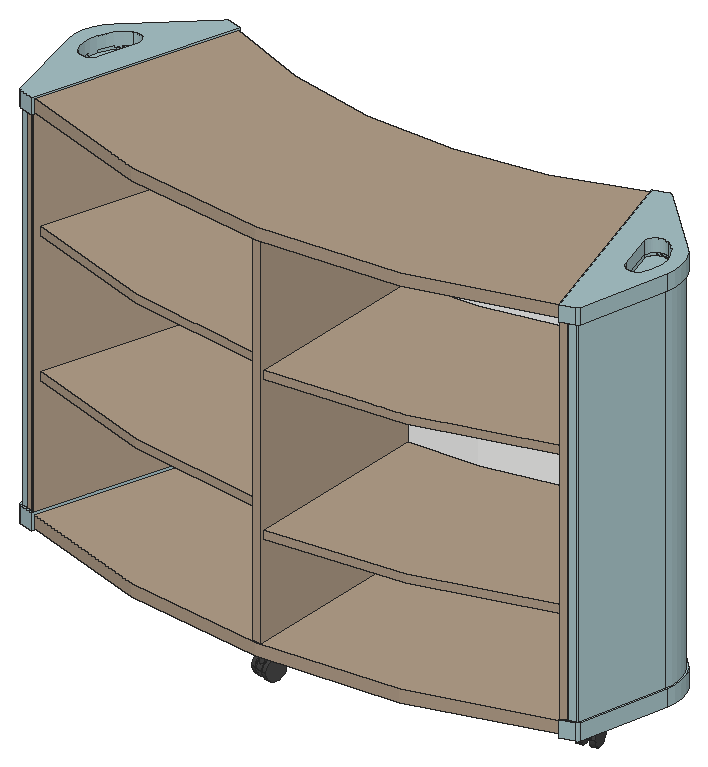
Revit family "revitupgrade", category Furniture, Revit 2025
Family settings
  OmniClass Number = 23.40.70.14.64.11
  OmniClass Title = Office Furniture
  Work Plane-Based = No
  Enable Cutting in Views = No
  Always vertical = Yes
  Cut with Voids When Loaded = No
  Render Appearance Source = Family Geometry
  Shared = Yes
  Room Calculation Point = No
Parameters (values of type "Curved Storage")
  Whiteboard Back Panel [instance] = yes
  URL = "https://www.steelcase.com/asia-en/products/education-desks-tables/flowform/"
  Totes [instance] = Smith System_Metal_Platinum
  Tote [instance] = not(Shelf)  # no
  Style Number(s) = "SMSFS57BL"
  Side Wrap [instance] = SmithSystem_Fabric_Alphabet_Mediterranean
  Shelf [instance] = yes
  Release Date = "June 2023"  # constant formula
  Manufacturer = "Smith System"  # constant formula
  Description = "Just like learning, furniture shouldn’t be forced.  Flowform® is refreshing in that way.  They feature deliberate organic shapes with soft radii and rounded edging."  # constant formula
  Default Elevation = 0.00"
  Copyright = "© 2010 Steelcase Inc."  # constant formula
  Case [instance] = Smith System_Lam_Mission Maple
  AutoCAD Tag = ""
  Assembly Code = "E2020200"
Reference planes (in)
  plane 1 "Center Front/Back": y = -9.39983
  plane 2: z = 0
  plane 3 "Center Left/Right": x = 0
Forms (in)
  Extrusion 1, solid, material "SmithSystem_Fabric_Alphabet_Mediterranean" <- "Side Wrap"
    sketch origin (34.36723, -45.77544, 0) x (1, 0, 0) y (0, 1, 0)
      loop
        line (-54.61687, 50.37079) -> (-55.94591, 50.77905)
        arc (-55.94591, 50.77905) -> (-56.15283, 50.78655) -> (-56.33578, 50.68958) r 0.4
        line (-56.33578, 50.68958) -> (-62.56263, 44.89836)
        arc (-62.56263, 44.89836) -> (-63.73091, 43.03423) -> (-63.8106, 40.83571) r 4.25
        line (-63.8106, 40.83571) -> (-61.90868, 32.54748)
        arc (-61.90868, 32.54748) -> (-61.81171, 32.36453) -> (-61.63627, 32.25458) r 0.4
        line (-61.63627, 32.25458) -> (-60.30723, 31.84632) -> (-54.61687, 50.37079)
      loop
        line (-14.1176, 50.37079) -> (-8.42724, 31.84632) -> (-7.0982, 32.25458)
        arc (-7.0982, 32.25458) -> (-6.92275, 32.36453) -> (-6.82579, 32.54748) r 0.4
        line (-6.82579, 32.54748) -> (-4.92387, 40.83571)
        arc (-4.92387, 40.83571) -> (-5.00356, 43.03423) -> (-6.17183, 44.89836) r 4.25
        line (-6.17183, 44.89836) -> (-12.39869, 50.68958)
        arc (-12.39869, 50.68958) -> (-12.58164, 50.78655) -> (-12.78856, 50.77905) r 0.4
        line (-12.78856, 50.77905) -> (-14.1176, 50.37079)
    from 38.84204 to 40.33907
  Extrusion 2, solid, material "Smith System_Leg_Black"
    sketch origin (-29.68978, -2.90426, 0) x (0.241922, 0.970296, 0) y (0, 0, 1)
      loop
        circle (6.16494, 1.00647) r 1
    from 4.39632 to 4.89734
  Extrusion 3, solid, material "Smith System_Leg_Black"
    sketch origin (-19.45936, -5.45499, 0) x (0.241922, 0.970296, 0) y (0, 0, -1)
      loop
        circle (6.16494, -1.00647) r 1
    from 4.39632 to 4.89627
  Extrusion 4, solid, material "Smith System_Leg_Black"
    sketch origin (-29.68978, -2.90426, 0) x (0.241922, 0.970296, 0) y (0, 0, 1)
      loop
        arc (7.16494, 1.00647) -> (6.16494, 2.00647) -> (5.16494, 1.00647) r 1
        line (5.16494, 1.00647) -> (7.16494, 1.00647)
    from 4.89734 to 5.73881
  Extrusion 5, solid, material "Smith System_Leg_Black"
    sketch origin (-29.68978, -2.90426, 0) x (0.970296, -0.241922, 0) y (0.241922, 0.970296, 0)
      loop
        circle (5.27418, 6.75225) r 0.25892
    from 1.49338 to 2.16826
  Extrusion 6, solid, material "Smith System_Leg_Black"
    sketch origin (-19.42351, -5.46393, 0) x (-0.241922, -0.970296, 0) y (0, 0, 1)
      loop
        circle (6.16494, 1.00647) r 1
    from 4.39632 to 4.89734
  Extrusion 7, solid, material "Smith System_Leg_Black"
    sketch origin (-29.65392, -2.9132, 0) x (-0.241922, -0.970296, 0) y (0, 0, -1)
      loop
        circle (6.16494, -1.00647) r 1
    from 4.39632 to 4.89627
  Extrusion 8, solid, material "Smith System_Leg_Black"
    sketch origin (-19.42351, -5.46393, 0) x (-0.241922, -0.970296, 0) y (0, 0, 1)
      loop
        arc (7.16494, 1.00647) -> (6.16494, 2.00647) -> (5.16494, 1.00647) r 1
        line (5.16494, 1.00647) -> (7.16494, 1.00647)
    from 4.89734 to 5.73881
  Extrusion 9, solid, material "Smith System_Leg_Black"
    sketch origin (-19.42351, -5.46393, 0) x (-0.970296, 0.241922, 0) y (-0.241922, -0.970296, 0)
      loop
        circle (5.27418, 6.75225) r 0.25892
    from 1.49338 to 2.16826
  Extrusion 10, solid, material "Smith System_Leg_Black"
    sketch origin (29.68978, -2.90426, 0) x (-0.241922, 0.970296, 0) y (0, 0, -1)
      loop
        circle (6.16494, -1.00647) r 1
    from 4.39632 to 4.89734
  Extrusion 11, solid, material "Smith System_Leg_Black"
    sketch origin (19.45936, -5.45499, 0) x (-0.241922, 0.970296, 0) y (0, 0, 1)
      loop
        circle (6.16494, 1.00647) r 1
    from 4.39632 to 4.89627
  Extrusion 12, solid, material "Smith System_Leg_Black"
    sketch origin (29.68978, -2.90426, 0) x (-0.241922, 0.970296, 0) y (0, 0, -1)
      loop
        line (7.16494, -1.00647) -> (5.16494, -1.00647)
        arc (5.16494, -1.00647) -> (6.16494, -2.00647) -> (7.16494, -1.00647) r 1
    from 4.89734 to 5.73881
  Extrusion 13, solid, material "Smith System_Leg_Black"
    sketch origin (29.68978, -2.90426, 0) x (-0.970296, -0.241922, 0) y (0.241922, -0.970296, 0)
      loop
        circle (5.27418, -6.75225) r 0.25892
    from 1.49338 to 2.16826
  Extrusion 14, solid, material "Smith System_Leg_Black"
    sketch origin (19.42351, -5.46393, 0) x (0.241922, -0.970296, 0) y (0, 0, -1)
      loop
        circle (6.16494, -1.00647) r 1
    from 4.39632 to 4.89734
  Extrusion 15, solid, material "Smith System_Leg_Black"
    sketch origin (29.65392, -2.9132, 0) x (0.241922, -0.970296, 0) y (0, 0, 1)
      loop
        circle (6.16494, 1.00647) r 1
    from 4.39632 to 4.89627
  Extrusion 16, solid, material "Smith System_Leg_Black"
    sketch origin (19.42351, -5.46393, 0) x (0.241922, -0.970296, 0) y (0, 0, -1)
      loop
        line (7.16494, -1.00647) -> (5.16494, -1.00647)
        arc (5.16494, -1.00647) -> (6.16494, -2.00647) -> (7.16494, -1.00647) r 1
    from 4.89734 to 5.73881
  Extrusion 17, solid, material "Smith System_Leg_Black"
    sketch origin (19.42351, -5.46393, 0) x (0.970296, 0.241922, 0) y (-0.241922, 0.970296, 0)
      loop
        circle (5.27418, -6.75225) r 0.25892
    from 1.49338 to 2.16826
  Extrusion 18, solid, material "Smith System_Lam_Mission Maple" <- "Case"
    sketch origin (0, 0, 0) x (1, 0, 0) y (0, 1, 0)
      loop
        line (-20.31111, 4.39524) -> (-25.8821, -13.74066)
        arc (-25.8821, -13.74066) -> (0.00044, -18.79927) -> (25.88452, -13.74851) r 68.79722
        line (25.88452, -13.74851) -> (20.31111, 4.39524)
        arc (20.31111, 4.39524) -> (0, 0) -> (-20.31111, 4.39524) r 49.12803
    from 39.08957 to 40.23906
  Extrusion 19, solid, material "Smith System_Lam_Mission Maple" <- "Case"
    sketch origin (0, 0, 0) x (1, 0, 0) y (0, 1, 0)
      loop
        line (-20.31111, 4.39524) -> (-25.8821, -13.74066)
        arc (-25.8821, -13.74066) -> (0.00044, -18.79927) -> (25.88452, -13.74851) r 68.79722
        line (25.88452, -13.74851) -> (20.31111, 4.39524)
        arc (20.31111, 4.39524) -> (0, 0) -> (-20.31111, 4.39524) r 49.12803
    from 2.40207 to 3.57833
  Extrusion 20, solid, material "Smith System_Lam_Mission Maple" <- "Case"
    sketch origin (0, 0, 0) x (1, 0, 0) y (0, 1, 0)
      loop
        line (-20.98204, 4.60134) -> (-26.55505, -13.54113) -> (-25.88412, -13.74723) -> (-20.31111, 4.39524) -> (-20.98204, 4.60134)
      loop
        line (20.98204, 4.60134) -> (20.31111, 4.39524) -> (25.88412, -13.74723) -> (26.55505, -13.54113) -> (20.98204, 4.60134)
    from 3.79206 to 39.08957
  Extrusion 21, solid, material "SmithSystem_Fabric_Alphabet_Mediterranean" <- "Side Wrap"
    sketch origin (34.36723, -45.77544, 0) x (1, 0, 0) y (0, 1, 0)
      loop
        line (-54.61687, 50.37079) -> (-55.94591, 50.77905)
        arc (-55.94591, 50.77905) -> (-56.15283, 50.78655) -> (-56.33578, 50.68958) r 0.4
        line (-56.33578, 50.68958) -> (-62.56263, 44.89836)
        arc (-62.56263, 44.89836) -> (-63.73091, 43.03423) -> (-63.8106, 40.83571) r 4.25
        line (-63.8106, 40.83571) -> (-61.90868, 32.54748)
        arc (-61.90868, 32.54748) -> (-61.81171, 32.36453) -> (-61.63627, 32.25458) r 0.4
        line (-61.63627, 32.25458) -> (-60.30723, 31.84632) -> (-54.61687, 50.37079)
      loop
        line (-14.1176, 50.37079) -> (-8.42724, 31.84632) -> (-7.0982, 32.25458)
        arc (-7.0982, 32.25458) -> (-6.92275, 32.36453) -> (-6.82579, 32.54748) r 0.4
        line (-6.82579, 32.54748) -> (-4.92387, 40.83571)
        arc (-4.92387, 40.83571) -> (-5.00356, 43.03423) -> (-6.17183, 44.89836) r 4.25
        line (-6.17183, 44.89836) -> (-12.39869, 50.68958)
        arc (-12.39869, 50.68958) -> (-12.58164, 50.78655) -> (-12.78856, 50.77905) r 0.4
        line (-12.78856, 50.77905) -> (-14.1176, 50.37079)
    from 2.16826 to 3.79205
  Extrusion 22, solid, material "SmithSystem_Fabric_Alphabet_Mediterranean" <- "Side Wrap"
    sketch origin (0, 0, 0) x (1, 0, 0) y (0, 1, 0)
      loop
        line (-21.83234, 4.76769) -> (-28.05919, -1.02354)
        arc (-28.05919, -1.02354) -> (-29.17249, -2.79994) -> (-29.24843, -4.895) r 4.05
        line (-29.24843, -4.895) -> (-27.34651, -13.18323)
        arc (-27.34651, -13.18323) -> (-27.29803, -13.27471) -> (-27.21031, -13.32968) r 0.2
        line (-27.21031, -13.32968) -> (-26.07245, -13.67921) -> (-20.49955, 4.46289) -> (-21.6374, 4.81242)
        arc (-21.6374, 4.81242) -> (-21.74086, 4.81617) -> (-21.83234, 4.76769) r 0.2
      loop
        arc (21.83234, 4.76769) -> (21.74086, 4.81617) -> (21.6374, 4.81242) r 0.2
        line (21.6374, 4.81242) -> (20.49955, 4.46289) -> (26.07245, -13.67921) -> (27.21031, -13.32968)
        arc (27.21031, -13.32968) -> (27.29803, -13.27471) -> (27.34651, -13.18323) r 0.2
        line (27.34651, -13.18323) -> (29.24843, -4.895)
        arc (29.24843, -4.895) -> (29.17249, -2.79994) -> (28.05919, -1.02354) r 4.05
        line (28.05919, -1.02354) -> (21.83234, 4.76769)
    from 3.79206 to 39.08957
  Extrusion 23, solid, material "Smith System_Lam_Mission Maple" <- "Case", visible <- "Shelf"
    sketch origin (0, 0, 0) x (1, 0, 0) y (0, 1, 0)
      loop
        line (-0.3985, -0.60885) -> (-0.3985, -18.60885) -> (0.39649, -18.60885) -> (0.39649, -0.60885) -> (-0.3985, -0.60885)
    from 3.57833 to 39.08957
  Extrusion 24, solid, material "Smith System_Lam_Mission Maple" <- "Case", visible <- "Shelf"
    sketch origin (0, 0, 0) x (1, 0, 0) y (0, 1, 0)
      loop
        arc (-25.71977, -13.21218) -> (-13.29181, -16.93026) -> (-0.3985, -18.35885) r 72.02734
        line (-0.3985, -18.35885) -> (-0.3985, -0.60885)
        arc (-0.3985, -0.60885) -> (-10.67721, 0.55746) -> (-20.43426, 3.99431) r 45.93402
        line (-20.43426, 3.99431) -> (-25.71977, -13.21218)
    from 15.24 to 16.03708
  Extrusion 25, solid, material "Smith System_Lam_Mission Maple" <- "Case", visible <- "Shelf"
    sketch origin (0, 0, 0) x (1, 0, 0) y (0, 1, 0)
      loop
        arc (-25.71977, -13.21218) -> (-13.29181, -16.93026) -> (-0.3985, -18.35885) r 72.02734
        line (-0.3985, -18.35885) -> (-0.3985, -0.60885)
        arc (-0.3985, -0.60885) -> (-10.67721, 0.55746) -> (-20.43426, 3.99431) r 45.93402
        line (-20.43426, 3.99431) -> (-25.71977, -13.21218)
    from 28.0364 to 28.83339
  Extrusion 26, solid, material "Smith System_Lam_Mission Maple" <- "Case", visible <- "Shelf"
    sketch origin (0, 0, 0) x (-1, 0, 0) y (0, -1, 0)
      loop
        line (-25.71977, 13.21218) -> (-20.43426, -3.99431)
        arc (-20.43426, -3.99431) -> (-10.67721, -0.55746) -> (-0.3985, 0.60885) r 45.93402
        line (-0.3985, 0.60885) -> (-0.3985, 18.35885)
        arc (-0.3985, 18.35885) -> (-13.29181, 16.93026) -> (-25.71977, 13.21218) r 72.02734
    from 12.68068 to 13.47767
  Extrusion 27, solid, material "Smith System_Lam_Mission Maple" <- "Case", visible <- "Shelf"
    sketch origin (0, 0, 0) x (-1, 0, 0) y (0, -1, 0)
      loop
        line (-25.71977, 13.21218) -> (-20.43426, -3.99431)
        arc (-20.43426, -3.99431) -> (-10.67721, -0.55746) -> (-0.3985, 0.60885) r 45.93402
        line (-0.3985, 0.60885) -> (-0.3985, 18.35885)
        arc (-0.3985, 18.35885) -> (-13.29181, 16.93026) -> (-25.71977, 13.21218) r 72.02734
    from 26.75701 to 27.55405
  Extrusion 28, solid, material "Whiteboard Finish", visible <- "Whiteboard Back Panel"
    sketch origin (0, 0, 0) x (1, 0, 0) y (0, 1, 0)
      loop
        arc (20.31111, 4.39524) -> (0, 0) -> (-20.31111, 4.39524) r 49.12803
        line (-20.31111, 4.39524) -> (-20.43426, 3.99431)
        arc (-20.43426, 3.99431) -> (-10.48292, 0.51327) -> (0, -0.60718) r 45.93402
        arc (0, -0.60718) -> (10.48292, 0.51327) -> (20.43426, 3.99431) r 45.93402
        line (20.43426, 3.99431) -> (20.31111, 4.39524)
    from 3.57833 to 39.08957
  Extrusion 29, solid, material "Smith System_Lam_Mission Maple" <- "Case", visible <- "Tote"
    sketch origin (0, 0, 0) x (1, 0, 0) y (0, 1, 0)
      loop
        line (-13.53905, -17.05572) -> (-12.77687, -17.28874) -> (-7.51418, -0.07525) -> (-8.27636, 0.15777) -> (-13.53905, -17.05572)
      loop
        line (13.53905, -17.05572) -> (8.27636, 0.15777) -> (7.51418, -0.07525) -> (12.77687, -17.28874) -> (13.53905, -17.05572)
    from 3.57833 to 39.08957
  Extrusion 30, solid, material "Smith System_Lam_Mission Maple" <- "Case", visible <- "Tote"
    sketch origin (0, 0, 0) x (1, 0, 0) y (0, 1, 0)
      loop
        arc (-12.57025, -17.06038) -> (0.09383, -18.38595) -> (12.75791, -17.06038) r 61.15702
        line (12.75791, -17.06038) -> (7.67558, -0.43419)
        arc (7.67558, -0.43419) -> (0.09531, -0.82684) -> (-7.48495, -0.43419) r 73.36629
        line (-7.48495, -0.43419) -> (-12.57025, -17.06038)
    from 13.92923 to 14.72623
  Extrusion 31, solid, material "Smith System_Lam_Mission Maple" <- "Case", visible <- "Tote"
    sketch origin (0, 0, 0) x (1, 0, 0) y (0, 1, 0)
      loop
        arc (-12.57025, -17.06038) -> (0.09383, -18.38595) -> (12.75791, -17.06038) r 61.15702
        line (12.75791, -17.06038) -> (7.67558, -0.43419)
        arc (7.67558, -0.43419) -> (0.09531, -0.82684) -> (-7.48495, -0.43419) r 73.36629
        line (-7.48495, -0.43419) -> (-12.57025, -17.06038)
    from 29.28522 to 30.08223
  Extrusion 32, solid, material "Smith System_Leg_Black"
    sketch origin (6.81314, -12.66036, 0) x (-0.241922, -0.970296, 0) y (0, 0, 1)
      loop
        circle (6.16494, 1.00647) r 1
    from 4.39632 to 4.89734
  Extrusion 33, solid, material "Smith System_Leg_Black"
    sketch origin (-3.41727, -10.10963, 0) x (-0.241922, -0.970296, 0) y (0, 0, -1)
      loop
        circle (6.16494, -1.00647) r 1
    from 4.39632 to 4.89627
  Extrusion 34, solid, material "Smith System_Leg_Black"
    sketch origin (6.81314, -12.66036, 0) x (-0.241922, -0.970296, 0) y (0, 0, 1)
      loop
        arc (7.16494, 1.00647) -> (6.16494, 2.00647) -> (5.16494, 1.00647) r 1
        line (5.16494, 1.00647) -> (7.16494, 1.00647)
    from 4.89734 to 5.73881
  Extrusion 35, solid, material "Smith System_Leg_Black"
    sketch origin (6.81314, -12.66036, 0) x (-0.970296, 0.241922, 0) y (-0.241922, -0.970296, 0)
      loop
        circle (5.27418, 6.75225) r 0.25892
    from 1.49338 to 2.40207
  Extrusion 36, void
    sketch origin (0, 0, 0) x (1, 0, 0) y (0, 1, 0)
      loop
        arc (-24.89498, -2.20952) -> (-25.20832, -1.15126) -> (-26.30485, -1.02592) r 1
        arc (-26.30485, -1.02592) -> (-28.08511, -3.14651) -> (-27.79503, -5.90007) r 3.54109
        arc (-27.79503, -5.90007) -> (-26.81587, -6.40934) -> (-25.96433, -5.70721) r 1
        line (-25.96433, -5.70721) -> (-24.89498, -2.20952)
      loop
        line (24.89498, -2.20952) -> (25.96433, -5.70721)
        arc (25.96433, -5.70721) -> (26.81587, -6.40934) -> (27.79503, -5.90007) r 1
        arc (27.79503, -5.90007) -> (28.08511, -3.14651) -> (26.30485, -1.02592) r 3.54109
        arc (26.30485, -1.02592) -> (25.20832, -1.15126) -> (24.89498, -2.20952) r 1
    from 38.84204 to 43.90029
Cuts and joins
  Extrusion 36 cuts Extrusion 22
  Extrusion 36 cuts Extrusion 1
Lines and regions (in)
  Masking region 1
    outline origin (0, 0, 0) x (1, 0, 0) y (0, 1, 0)
      loop
        arc (20.31111, 4.39524) -> (0, 0) -> (-20.31111, 4.39524) r 49.12803
        line (-20.31111, 4.39524) -> (-20.24964, 4.59535) -> (-21.57868, 5.0036)
        arc (-21.57868, 5.0036) -> (-21.7856, 5.0111) -> (-21.96854, 4.91414) r 0.4
        line (-21.96854, 4.91414) -> (-28.1954, -0.87709)
        arc (-28.1954, -0.87709) -> (-29.36367, -2.74122) -> (-29.44337, -4.93973) r 4.25
        line (-29.44337, -4.93973) -> (-27.54145, -13.22796)
        arc (-27.54145, -13.22796) -> (-27.44448, -13.41091) -> (-27.26903, -13.52087) r 0.4
        line (-27.26903, -13.52087) -> (-25.94, -13.92912) -> (-25.8821, -13.74066)
        arc (-25.8821, -13.74066) -> (0.00044, -18.79927) -> (25.88452, -13.74851) r 68.79722
        line (25.88452, -13.74851) -> (25.94, -13.92912) -> (27.26903, -13.52087)
        arc (27.26903, -13.52087) -> (27.44448, -13.41091) -> (27.54145, -13.22796) r 0.4
        line (27.54145, -13.22796) -> (29.44337, -4.93973)
        arc (29.44337, -4.93973) -> (29.36367, -2.74122) -> (28.1954, -0.87709) r 4.25
        line (28.1954, -0.87709) -> (21.96854, 4.91414)
        arc (21.96854, 4.91414) -> (21.7856, 5.0111) -> (21.57868, 5.0036) r 0.4
        line (21.57868, 5.0036) -> (20.24964, 4.59535) -> (20.31111, 4.39524)
  symbolic lines, style "Steelcase Furniture"
    curve 1: line (-20.31111, 4.39524, 0) -> (-25.88412, -13.74723, 0)
    curve 2: line (20.31111, 4.39524, 0) -> (25.88412, -13.74723, 0)
    curve 3: line (24.89498, -2.20952, 0) -> (25.96433, -5.70721, 0)
    curve 4: arc (26.30485, -1.02592, 0) -> (25.20832, -1.15126, 0) -> (24.89498, -2.20952, 0) r 1
    curve 5: arc (27.79503, -5.90007, 0) -> (28.08511, -3.14651, 0) -> (26.30485, -1.02592, 0) r 3.54109
    curve 6: arc (25.96433, -5.70721, 0) -> (26.81587, -6.40934, 0) -> (27.79503, -5.90007, 0) r 1
    curve 7: line (-25.96433, -5.70721, 0) -> (-24.89498, -2.20952, 0)
    curve 8: arc (-26.30485, -1.02592, 0) -> (-28.08511, -3.14651, 0) -> (-27.79503, -5.90007, 0) r 3.54109
    curve 9: arc (-24.89498, -2.20952, 0) -> (-25.20832, -1.15126, 0) -> (-26.30485, -1.02592, 0) r 1
    curve 10: arc (-27.79503, -5.90007, 0) -> (-26.81587, -6.40934, 0) -> (-25.96433, -5.70721, 0) r 1
Dimensions and locks (in)
  plane 3 "Center Left/Right" to Extrusion 23 = 0.3985"
  aligned and locked: level to plane 2
Nested families (in)
  nested 1: "ToteBasket" at (-4.77563, -10.00956, 0) x (-0.969, 0.2469, 0) z (0, 0, 1), visible <- "Tote", Totes <- "Totes", type "Tote"
    with Totes Smith System_Metal_Platinum
  nested 2: "ToteBasket" at (-4.77563, -10.00956, -3.8567) x (-0.969, 0.2469, 0) z (0, 0, 1), visible <- "Tote", Totes <- "Totes", type "Tote"
    with Totes Smith System_Metal_Platinum
  nested 3: "ToteBasket" at (-4.77563, -10.00956, -7.65751) x (-0.969, 0.2469, 0) z (0, 0, 1), visible <- "Tote", Totes <- "Totes", type "Tote"
    with Totes Smith System_Metal_Platinum
  nested 4: "ToteBasket" at (-4.77563, -10.00956, -11.47635) x (-0.969, 0.2469, 0) z (0, 0, 1), visible <- "Tote", Totes <- "Totes", type "Tote"
    with Totes Smith System_Metal_Platinum
  nested 5: "ToteBasket" at (-4.77563, -10.00956, -15.32322) x (-0.969, 0.2469, 0) z (0, 0, 1), visible <- "Tote", Totes <- "Totes", type "Tote"
    with Totes Smith System_Metal_Platinum
  nested 6: "ToteBasket" at (-4.77563, -10.00956, -19.15607) x (-0.969, 0.2469, 0) z (0, 0, 1), visible <- "Tote", Totes <- "Totes", type "Tote"
    with Totes Smith System_Metal_Platinum
  nested 7: "ToteBasket" at (-4.77563, -10.00956, -22.98892) x (-0.969, 0.2469, 0) z (0, 0, 1), visible <- "Tote", Totes <- "Totes", type "Tote"
    with Totes Smith System_Metal_Platinum
  nested 8: "ToteBasket" at (-4.77563, -10.00956, -26.86942) x (-0.969, 0.2469, 0) z (0, 0, 1), visible <- "Tote", Totes <- "Totes", type "Tote"
    with Totes Smith System_Metal_Platinum
  nested 9: "ToteBasket" at (-4.77563, -10.00956, -30.7359) x (-0.969, 0.2469, 0) z (0, 0, 1), visible <- "Tote", Totes <- "Totes", type "Tote"
    with Totes Smith System_Metal_Platinum
  nested 10: "ToteBasket" at (4.77563, -10.00956, 0) x (0.969, 0.2469, 0) z (0, 0, 1), visible <- "Tote", Totes <- "Totes", type "Tote"
    with Totes Smith System_Metal_Platinum
  nested 11: "ToteBasket" at (4.77563, -10.00956, -3.8567) x (0.969, 0.2469, 0) z (0, 0, 1), visible <- "Tote", Totes <- "Totes", type "Tote"
    with Totes Smith System_Metal_Platinum
  nested 12: "ToteBasket" at (4.77563, -10.00956, -7.65751) x (0.969, 0.2469, 0) z (0, 0, 1), visible <- "Tote", Totes <- "Totes", type "Tote"
    with Totes Smith System_Metal_Platinum
  nested 13: "ToteBasket" at (4.77563, -10.00956, -11.47635) x (0.969, 0.2469, 0) z (0, 0, 1), visible <- "Tote", Totes <- "Totes", type "Tote"
    with Totes Smith System_Metal_Platinum
  nested 14: "ToteBasket" at (4.77563, -10.00956, -15.32322) x (0.969, 0.2469, 0) z (0, 0, 1), visible <- "Tote", Totes <- "Totes", type "Tote"
    with Totes Smith System_Metal_Platinum
  nested 15: "ToteBasket" at (4.77563, -10.00956, -19.15607) x (0.969, 0.2469, 0) z (0, 0, 1), visible <- "Tote", Totes <- "Totes", type "Tote"
    with Totes Smith System_Metal_Platinum
  nested 16: "ToteBasket" at (4.77563, -10.00956, -22.98892) x (0.969, 0.2469, 0) z (0, 0, 1), visible <- "Tote", Totes <- "Totes", type "Tote"
    with Totes Smith System_Metal_Platinum
  nested 17: "ToteBasket" at (4.77563, -10.00956, -26.86942) x (0.969, 0.2469, 0) z (0, 0, 1), visible <- "Tote", Totes <- "Totes", type "Tote"
    with Totes Smith System_Metal_Platinum
  nested 18: "ToteBasket" at (4.77563, -10.00956, -30.7359) x (0.969, 0.2469, 0) z (0, 0, 1), visible <- "Tote", Totes <- "Totes", type "Tote"
    with Totes Smith System_Metal_Platinum
Definition of nested family "ToteBasket"
  Parameters (values of type "Tote")
    URL = "https://smithsystem.com/lines/flowform/"
    Totes [instance] = none
    Style Number(s) = ""  # constant formula
    Release Date = "February 2022"  # constant formula
    Manufacturer = "Smith System"  # constant formula
    Description = "Just like learning, furniture shouldn’t be forced.  Flowform® is refreshing in that way.  They feature deliberate organic shapes with soft radii and rounded edging."  # constant formula
    Default Elevation = 0.00"
    Copyright = "© 2010 Steelcase Inc."  # constant formula
    AutoCAD Tag = ""
    Assembly Code = "E2020200"
  Reference planes (in)
    plane 1 "Center Front/Back": y = 0
    plane 2: z = 0
    plane 3 "Center Left/Right": x = 0
  Forms (in)
    Extrusion 1, solid, material <- "Totes"
      sketch origin (92.80424, -103.30167, 0) x (1, 0, 0) y (0, 1, 0)
        loop
          arc (-85.03794, 110.91152) -> (-85.74505, 110.61863) -> (-86.03794, 109.91152) r 1
          line (-86.03794, 109.91152) -> (-86.03794, 95.30167)
          arc (-86.03794, 95.30167) -> (-85.74505, 94.59457) -> (-85.03794, 94.30167) r 1
          line (-85.03794, 94.30167) -> (-74.71402, 94.30167)
          arc (-74.71402, 94.30167) -> (-74.00691, 94.59457) -> (-73.71402, 95.30167) r 1
          line (-73.71402, 95.30167) -> (-73.71402, 109.91152)
          arc (-73.71402, 109.91152) -> (-74.00691, 110.61863) -> (-74.71402, 110.91152) r 1
          line (-74.71402, 110.91152) -> (-85.03794, 110.91152)
        loop
          arc (-85.25785, 110.42288) -> (-85.49479, 110.32474) -> (-85.59293, 110.0878) r 0.33508
          line (-85.59293, 110.0878) -> (-85.59293, 95.07322)
          arc (-85.59293, 95.07322) -> (-85.50506, 94.86109) -> (-85.29293, 94.77322) r 0.3
          line (-85.29293, 94.77322) -> (-74.45902, 94.77322)
          arc (-74.45902, 94.77322) -> (-74.24689, 94.86109) -> (-74.15902, 95.07322) r 0.3
          line (-74.15902, 95.07322) -> (-74.15902, 110.12288)
          arc (-74.15902, 110.12288) -> (-74.24689, 110.33501) -> (-74.45902, 110.42288) r 0.3
          line (-74.45902, 110.42288) -> (-85.25785, 110.42288)
      from 36.99905 to 37.57079
    Blend 2, solid, material <- "Totes"
      base sketch origin (92.80424, -103.30167, 0) x (1, 0, 0) y (0, 1, 0)
        loop
          arc (-85.59293, 95.07322) -> (-85.50506, 94.86109) -> (-85.29293, 94.77322) r 0.3
          line (-85.29293, 94.77322) -> (-74.45902, 94.77322)
          arc (-74.45902, 94.77322) -> (-74.24689, 94.86109) -> (-74.15902, 95.07322) r 0.3
          line (-74.15902, 95.07322) -> (-74.15902, 110.12288)
          arc (-74.15902, 110.12288) -> (-74.24689, 110.33501) -> (-74.45902, 110.42288) r 0.3
          line (-74.45902, 110.42288) -> (-85.25785, 110.42288)
          arc (-85.25785, 110.42288) -> (-85.49479, 110.32474) -> (-85.59293, 110.0878) r 0.33508
          line (-85.59293, 110.0878) -> (-85.59293, 95.07322)
      top sketch origin (92.80424, -103.30167, 0) x (1, 0, 0) y (0, 1, 0)
        loop
          arc (-85.10139, 110.30999) -> (-85.27817, 110.23676) -> (-85.35139, 110.05999) r 0.25
          line (-85.35139, 110.05999) -> (-85.35139, 95.34234)
          arc (-85.35139, 95.34234) -> (-85.27817, 95.16556) -> (-85.10139, 95.09234) r 0.25
          line (-85.10139, 95.09234) -> (-74.65155, 95.09234)
          arc (-74.65155, 95.09234) -> (-74.47477, 95.16556) -> (-74.40155, 95.34234) r 0.25
          line (-74.40155, 95.34234) -> (-74.40155, 110.05999)
          arc (-74.40155, 110.05999) -> (-74.47477, 110.23676) -> (-74.65155, 110.30999) r 0.25
          line (-74.65155, 110.30999) -> (-85.10139, 110.30999)
      from 36.99905 to 34.62743
    Blend 3, void
      base sketch origin (92.80424, -103.30167, 0) x (1, 0, 0) y (0, 1, 0)
        loop
          arc (-85.59293, 95.07322) -> (-85.50506, 94.86109) -> (-85.29293, 94.77322) r 0.3
          line (-85.29293, 94.77322) -> (-74.45902, 94.77322)
          arc (-74.45902, 94.77322) -> (-74.24689, 94.86109) -> (-74.15902, 95.07322) r 0.3
          line (-74.15902, 95.07322) -> (-74.15902, 110.12288)
          arc (-74.15902, 110.12288) -> (-74.24689, 110.33501) -> (-74.45902, 110.42288) r 0.3
          line (-74.45902, 110.42288) -> (-85.25785, 110.42288)
          arc (-85.25785, 110.42288) -> (-85.49479, 110.32474) -> (-85.59293, 110.0878) r 0.33508
          line (-85.59293, 110.0878) -> (-85.59293, 95.07322)
      top sketch origin (92.80424, -103.30167, 0) x (1, 0, 0) y (0, 1, 0)
        loop
          line (-84.84293, 109.67288) -> (-84.84293, 95.77322) -> (-75.15902, 95.77322) -> (-75.15902, 109.67288) -> (-84.84293, 109.67288)
      from 45.30033 to 35.32052
    Extrusion 4, solid, material <- "Totes"
      sketch origin (92.80424, -103.30167, 0) x (1, 0, 0) y (0, 0, 1)
        loop
          line (-81.80805, 36.99905) -> (-81.54923, 36.03313) -> (-78.05161, 36.03313) -> (-77.77881, 36.99905) -> (-81.80805, 36.99905)
      from -94.36846 to -94.48429
    Extrusion 5, void
      sketch origin (0, 0, 0) x (1, 0, 0) y (0, 0, 1)
        loop
          line (11.26474, 36.99905) -> (11.47643, 36.17532) -> (14.54274, 36.17532) -> (14.75532, 36.99905) -> (11.26474, 36.99905)
      from 8.81738 to 19.5
    Extrusion 6, solid, material <- "Totes"
      sketch origin (0, 0, 0) x (1, 0, 0) y (0, 0, 1)
        loop
          line (7.21131, 37.8331) -> (7.21131, 37.8774) -> (6.59456, 37.8774) -> (6.59456, 36.85516) -> (7.21131, 36.85516) -> (7.21131, 36.9076) -> (6.70968, 36.9076) -> (6.70968, 37.8331) -> (7.21131, 37.8331)
        loop
          line (18.6803, 37.8331) -> (19.12531, 37.8331) -> (19.12531, 36.9076) -> (18.6803, 36.9076) -> (18.6803, 36.85516) -> (19.29705, 36.85516) -> (19.29705, 37.8774) -> (18.6803, 37.8774) -> (18.6803, 37.8331)
      from -7.60985 to 8.31407
    Extrusion 7, solid, material <- "Totes"
      sketch origin (0, 0, 0) x (1, 0, 0) y (0, 0, 1)
        loop
          line (6.59456, 36.85516) -> (6.59456, 34.16041) -> (6.70968, 34.16041) -> (6.70968, 36.85516) -> (6.59456, 36.85516)
        loop
          line (19.29705, 36.85516) -> (19.18193, 36.85516) -> (19.18193, 34.13267) -> (19.29705, 34.13267) -> (19.29705, 36.85516)
      from 6.53327 to 7.46621
  Cuts and joins
    Blend 3 cuts Blend 2
    Extrusion 5 cuts Extrusion 4
  Dimensions and locks (in)
    aligned and locked: level to plane 2
